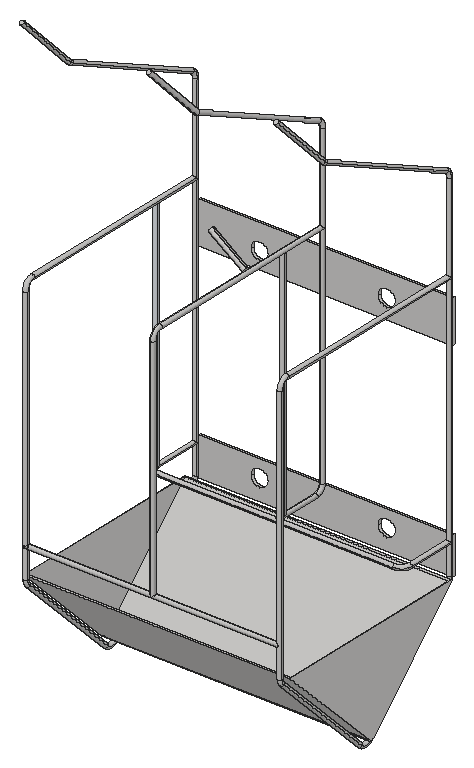
Revit family
Parameters (values of type "305 X 560 X 260")
  URL = "http://www.autospec.co.za/browse.php?id=1644179282"
  Radius Of Rod = 2.5 mm
  Product Code = "None"
  OmniClass Title = ""
  OmniClass Number = ""
  Modspec Classification = ""
  Specification = ""
  Location (revit room) = ""
  Number Of Pans = if(Count = 1, 2, if(Count = 3, 4, if(Count = 5, 6, 0)))  # 2
  Number Of Bottles = if(Count = 1, 3, if(Count = 3, 5, if(Count = 5, 7, 0)))  # 3
  Model = "Bedpan And Bottle Racks BBR2"
  Material = Stainless Steel Grade 304
  Manufacturer = "Kwikot"  # constant formula
  Length 1 = 300 mm
  Length = Length 1 + Radius Of Rod * 2  # 305 mm
  Height = 560 mm
  Rack_2V = Count > 1  # no
  Rack_1V = Count = 1  # yes
  Distance Between Racks = 150 mm
  Description = ""
  Depth = 260 mm
  Count = (Length - Distance Between Racks) / Distance Between Racks  # 1
  Colour = none
  Body Finish = none
  Assembly Code = "E1090300"
  Array Count = if(Count > 1, Count, 2)  # 2
Reference planes
  plane 1 "Center (Front/Back)": y = 0
  plane 2 "Bottom": z = 0
  plane 3 "Center (Left/Right)": x = 0
  plane 4: x = 157.5
  plane 5: z = 450
  plane 6 "Top": z = 720
  plane 7 "Front": y = -260
  plane 8: y = -130
  plane 9 "Right": x = 307.5
  plane 10: x = 7.5
  plane 11: x = 80
  plane 12: x = 230
  plane 13: y = -130
  plane 14: y = -63
  plane 15: z = 560
Forms (mm)
  Sweep 1, solid, material "Stainless Steel Grade 304" <- "Material"
    path origin (7.5, -1524, 1369.365) x (0, 0, 1) y (0, -1, 0)
      loop
        line (-649.365, -1264) -> (-720.441, -1332.449)
        arc (-720.441, -1332.449) -> (-721.59, -1333.769) -> (-722.492, -1335.268) r 10
        line (-722.492, -1335.268) -> (-809.365, -1513.384)
        arc (-809.365, -1513.384) -> (-813.054, -1517.48) -> (-818.353, -1519) r 10
        line (-818.353, -1519) -> (-1239.365, -1519)
        arc (-1239.365, -1519) -> (-1243.192, -1518.239) -> (-1246.436, -1516.071) r 10
        line (-1246.436, -1516.071) -> (-1361.436, -1401.071)
        arc (-1361.436, -1401.071) -> (-1364.365, -1394) -> (-1361.436, -1386.929) r 10
        line (-1361.436, -1386.929) -> (-1246.436, -1271.929)
        arc (-1246.436, -1271.929) -> (-1243.192, -1269.761) -> (-1239.365, -1269) r 10
        line (-1239.365, -1269) -> (-934.365, -1269)
        arc (-934.365, -1269) -> (-927.294, -1271.929) -> (-924.365, -1279) r 10
        line (-924.365, -1279) -> (-924.365, -1519)
    profile origin (7.5, -5, 340.506) x (1, 0, 0) y (0, 1, 0)
      loop
        circle (0, 0) r 2.5
  Sweep 2, solid, material "Stainless Steel Grade 304" <- "Material"
    path origin (0, 0, 0) x (1, 0, 0) y (0, 1, 0)
      loop
        line (0, -130) -> (315, -130)
    profile origin (157.5, -130, 0) x (0, 1, 0) y (0, 0, 1)
      loop
        arc (-3.536, 13.885) -> (0, 12.421) -> (3.536, 13.885) r 5
        line (3.536, 13.885) -> (119.042, 129.392) -> (-119.042, 129.392) -> (-3.536, 13.885)
  Sweep 3, void
    path origin (0, 0, 0) x (1, 0, 0) y (0, 1, 0)
      loop
        line (1.3, -130) -> (313.7, -130)
    profile origin (157.5, -130, 0) x (0, 1, 0) y (0, 0, 1)
      loop
        line (117.204, 129.392) -> (-117.204, 129.392) -> (-1.414, 13.602)
        arc (-1.414, 13.602) -> (0, 13.016) -> (1.414, 13.602) r 2
        line (1.414, 13.602) -> (117.204, 129.392)
  Extrusion 4, solid, material "Stainless Steel Grade 304" <- "Material"
    sketch origin (0, 0, 0) x (1, 0, 0) y (0, 0, 1)
      loop
        line (7.5, 420) -> (7.5, 370) -> (307.5, 370) -> (307.5, 420) -> (7.5, 420)
      loop
        line (7.5, 170) -> (7.5, 125) -> (307.5, 125) -> (307.5, 170) -> (7.5, 170)
      loop
        circle (80, 150) r 10
      loop
        circle (80, 390) r 10
      loop
        circle (230, 150) r 10
      loop
        circle (230, 393) r 10
    from 0 to -3
  Sweep 5, solid, material "Stainless Steel Grade 304" <- "Material"
    path origin (0, -260, 1012.14) x (0, 0, 1) y (-1, 0, 0)
      loop
        line (-847.14, -7.5) -> (-847.14, -307.5)
    profile origin (157.5, -260, 165) x (0, 0, 1) y (0, -1, 0)
      loop
        circle (0, -5.008) r 2.5
  Sweep 6, solid, material "Stainless Steel Grade 304" <- "Material"
    path origin (307.5, 731.65, 1200) x (0, 1, 0) y (0, 0, 1)
      loop
        line (-991.65, -480) -> (-923.201, -551.076)
        arc (-923.201, -551.076) -> (-921.881, -552.225) -> (-920.381, -553.127) r 10
        line (-920.381, -553.127) -> (-742.266, -640)
        arc (-742.266, -640) -> (-738.169, -643.689) -> (-736.65, -648.988) r 10
        line (-736.65, -648.988) -> (-736.65, -1070)
        arc (-736.65, -1070) -> (-737.411, -1073.827) -> (-739.579, -1077.071) r 10
        line (-739.579, -1077.071) -> (-854.579, -1192.071)
        arc (-854.579, -1192.071) -> (-861.65, -1195) -> (-868.721, -1192.071) r 10
        line (-868.721, -1192.071) -> (-983.721, -1077.071)
        arc (-983.721, -1077.071) -> (-985.888, -1073.827) -> (-986.65, -1070) r 10
        line (-986.65, -1070) -> (-986.65, -765)
        arc (-986.65, -765) -> (-983.721, -757.929) -> (-976.65, -755) r 10
        line (-976.65, -755) -> (-736.65, -755)
    profile origin (307.5, -5, 340.506) x (1, 0, 0) y (0, 1, 0)
      loop
        circle (0, 0) r 2.5
  Sweep 7, solid, material "Stainless Steel Grade 304" <- "Material"
    path origin (0, 0, 0) x (1, 0, 0) y (0, 1, 0)
      loop
        line (7.5, -5) -> (7.5, -63)
        arc (7.5, -63) -> (10.429, -70.071) -> (17.5, -73) r 10
        line (17.5, -73) -> (297.5, -73)
        arc (297.5, -73) -> (304.571, -70.071) -> (307.5, -63) r 10
        line (307.5, -63) -> (307.5, -5)
    profile origin (157.5, -73, 0) x (0, 1, 0) y (0, 0, 1)
      loop
        circle (0, 165) r 2.5
  Extrusion 8, solid
    sketch origin (-191.181, -1524, 450) x (-1, 0, 0) y (0, -1, 0)
      loop
        circle (-198.681, -1461) r 2.5
    from -5 to -285
Cuts and joins
  Sweep 3 cuts Sweep 1
  Sweep 3 cuts Sweep 2
Dimensions and locks
  Sweep 1 sketch curve to level = 5 mm
  plane 7 "Front" to Sweep 1 sketch curve = 5 mm
  Sweep 1 sketch curve to plane 1 "Center (Front/Back)" = 5 mm
  plane 1 "Center (Front/Back)" to Sweep 1 sketch curve = 5 mm
  plane 6 "Top" to plane 2 "Bottom" = 720 mm
  "Depth": plane 7 "Front" to plane 1 "Center (Front/Back)"
  locked: cut or joined group of Sweep 2, Sweep 3 to Sweep 3 sketch curve at 1.3
  locked: Sweep 3 sketch curve to cut or joined group of Sweep 2, Sweep 3 at 1.3
  "Distance Between Racks": plane 4 to plane 10
  "Length 1": plane 9 "Right" to plane 10
  locked: plane 9 "Right" to Sweep 2 sketch curve at 7.5
  Extrusion 4 sketch curve to plane 2 "Bottom" = 370 mm
  Extrusion 4 sketch curve to Extrusion 4 sketch curve = 50 mm
  Extrusion 4 sketch curve to plane 2 "Bottom" = 125 mm
  Extrusion 4 sketch curve to plane 2 "Bottom" = 150 mm
  plane 11 to plane 3 "Center (Left/Right)" = 80 mm
  Extrusion 4 sketch curve to Extrusion 4 sketch curve = 240 mm
  plane 12 to plane 9 "Right" = 77.5 mm
  Extrusion 4 sketch curve to Extrusion 4 sketch curve = 45 mm
  Sweep 5 sketch curve to plane 2 "Bottom" = 165 mm
  locked: Sweep 7 sketch curve to plane 2 "Bottom" at 165
  plane 1 "Center (Front/Back)" to plane 14 = 63 mm
  group 1 to group 2 = 150 mm
  group 1 to group 2 = 0 mm  (x2)
  plane 15 to plane 5 = 110 mm
  "Height": plane 15 to plane 2 "Bottom"
  Sweep 6 sketch curve to plane 5 = 5 mm
  plane 7 "Front" to Sweep 6 sketch curve = 5 mm
  "Radius Of Rod": radius of Sweep 1 sketch curve
  "Radius Of Rod": radius of Sweep 5 sketch curve
  "Radius Of Rod": radius of Sweep 6 sketch curve
  "Radius Of Rod": radius of Sweep 7 sketch curve
  "Radius Of Rod": radius of Extrusion 8 sketch curve
  angle plane 5 to Sweep 1 sketch curve = 26.00°
  angle Sweep 6 sketch curve to plane 15 = 26.00°
  aligned and locked: plane 2 "Bottom" to level
  aligned and locked: Sweep 2 to Sweep 3 sketch curve
  aligned and locked: profile plane to Sweep 1 sketch curve  (x2)
  aligned and locked: plane 3 "Center (Left/Right)" to Sweep 2 sketch curve
  aligned and locked: Extrusion 4 sketch curve to plane 9 "Right"  (x2)
  aligned and locked: plane 10 to Extrusion 4 sketch curve  (x2)
  aligned and locked: plane 11 to Extrusion 4 sketch curve  (x2)
  aligned and locked: plane 12 to Extrusion 4 sketch curve  (x2)
  aligned and locked: plane 9 "Right" to Sweep 5 sketch curve
  aligned and locked: plane 10 to Sweep 5 sketch curve
  aligned and locked: profile plane to Sweep 6 sketch curve  (x2)
  aligned and locked: plane 10 to Sweep 7 sketch curve
  aligned and locked: plane 9 "Right" to Sweep 7 sketch curve
  aligned and locked: profile plane to Sweep 7 sketch curve
  aligned and locked: profile plane to Sweep 5 sketch curve
  aligned and locked: plane 10 to Extrusion 8 sketch curve
  aligned and locked: plane 14 to Extrusion 8 sketch curve
  aligned and locked: plane 3 "Center (Left/Right)" to nested 1
  aligned and locked: plane 1 "Center (Front/Back)" to nested 1
  aligned and locked: plane 3 "Center (Left/Right)" to nested 2
  aligned and locked: plane 1 "Center (Front/Back)" to nested 2
  aligned and locked: plane 15 to Sweep 1 sketch curve
  aligned and locked: plane 7 "Front" to Sweep 1 sketch curve
  aligned and locked: plane 6 "Top" to Sweep 1 sketch curve
  aligned and locked: plane 15 to Sweep 6 sketch curve
  aligned and locked: plane 6 "Top" to Sweep 6 sketch curve
  aligned and locked: plane 7 "Front" to Sweep 6 sketch curve
Automatic sketch dimensions
  plane 1 "Center (Front/Back)" to Sweep 2 sketch curve = 130 mm
  Sweep 2 sketch curve to profile plane = 0 mm
  profile plane to Sweep 2 sketch curve = 3.536 mm
  profile plane to Sweep 2 sketch curve = 119.042 mm
  Sweep 2 sketch curve to profile plane = 3.536 mm
  Sweep 2 sketch curve to profile plane = 119.042 mm
  level to Sweep 2 sketch curve = 13.885 mm
  Sweep 2 sketch curve to Sweep 2 sketch curve = 3.536 mm
  level to Sweep 2 sketch curve = 129.392 mm
  plane 1 "Center (Front/Back)" to Sweep 3 sketch curve = 130 mm
  Sweep 3 sketch curve to profile plane = 0 mm
  profile plane to Sweep 3 sketch curve = 1.414 mm
  profile plane to Sweep 3 sketch curve = 117.204 mm
  Sweep 3 sketch curve to profile plane = 1.414 mm
  Sweep 3 sketch curve to profile plane = 117.204 mm
  plane 2 "Bottom" to Sweep 3 sketch curve = 15.016 mm
  Sweep 3 sketch curve to Sweep 3 sketch curve = 1.414 mm
  Extrusion 4 sketch curve to Extrusion 4 sketch curve = 20 mm
  Extrusion 4 sketch curve to plane 5 = 57 mm
  Sweep 5 sketch curve to plane 7 "Front" = 5.008 mm
  plane 10 to Sweep 7 sketch curve = 10 mm
  Sweep 7 sketch curve to plane 9 "Right" = 10 mm
  plane 1 "Center (Front/Back)" to Sweep 7 sketch curve = 73 mm
  plane 1 "Center (Front/Back)" to Sweep 7 sketch curve = 5 mm  (x2)
  Sweep 1 sketch curve to plane 8 = 0 mm
  Sweep 1 sketch curve to plane 5 = 5 mm
  Sweep 1 sketch curve to Sweep 1 sketch curve = 10 mm
  Sweep 1 sketch curve to plane 7 "Front" = 15 mm
  level to Sweep 1 sketch curve = 130 mm  (x2)
  plane 1 "Center (Front/Back)" to Sweep 1 sketch curve = 15 mm
  Sweep 1 sketch curve to Sweep 1 sketch curve = 7.071 mm
  plane 1 "Center (Front/Back)" to Sweep 1 sketch curve = 7.929 mm
  level to Sweep 1 sketch curve = 15 mm
  plane 8 to Sweep 1 sketch curve = 7.071 mm
  Sweep 1 sketch curve to plane 8 = 7.071 mm
  Sweep 1 sketch curve to Sweep 1 sketch curve = 2.051 mm
  Sweep 1 sketch curve to Sweep 1 sketch curve = 8.988 mm
  Sweep 1 sketch curve to Sweep 1 sketch curve = 5.616 mm
  Sweep 1 sketch curve to Sweep 1 sketch curve = 4.384 mm
  plane 8 to Sweep 1 sketch curve = 58.732 mm
  Sweep 1 sketch curve to plane 15 = 8.988 mm
  Sweep 6 sketch curve to plane 13 = 0 mm
  Sweep 6 sketch curve to Sweep 6 sketch curve = 2.929 mm
  Sweep 6 sketch curve to Sweep 6 sketch curve = 10 mm
  Sweep 6 sketch curve to Sweep 6 sketch curve = 7.071 mm
  plane 13 to Sweep 6 sketch curve = 61.551 mm
  Sweep 6 sketch curve to Sweep 6 sketch curve = 2.819 mm
  Sweep 6 sketch curve to Sweep 6 sketch curve = 7.203 mm
  plane 13 to Sweep 6 sketch curve = 7.071 mm
  Sweep 6 sketch curve to plane 13 = 7.071 mm
  plane 1 "Center (Front/Back)" to Sweep 6 sketch curve = 15 mm  (x2)
  Sweep 6 sketch curve to Sweep 6 sketch curve = 4.384 mm
  plane 1 "Center (Front/Back)" to Sweep 6 sketch curve = 7.929 mm
  level to Sweep 6 sketch curve = 130 mm  (x2)
  level to Sweep 6 sketch curve = 15 mm
  level to Sweep 6 sketch curve = 7.929 mm
  Sweep 6 sketch curve to Sweep 6 sketch curve = 2.051 mm
  Sweep 6 sketch curve to plane 15 = 8.988 mm
  radius of Extrusion 4 sketch curve = 10 mm  (x4)
Nested families
  nested 1: "Rack" at (0, 0, 0), visible <- "Rack_2V", Radius Of Rod <- "Radius Of Rod", type "Rack"
    with Radius Of Rod 2.5 mm
  nested 2: "Rack" at (0, 0, 0), visible <- "Rack_1V", Radius Of Rod <- "Radius Of Rod", type "Rack"
    with Radius Of Rod 2.5 mm
  nested 3: "Rack" at (150, 0, 0), visible <- "Rack_2V", Radius Of Rod <- "Radius Of Rod", type "Rack"
    with Radius Of Rod 2.5 mm
Definition of nested family "Rack"
  Parameters (values of type "Rack")
    URL = ""
    Radius Of Rod [instance] = 7.5 mm
    Material = Stainless Steel Grade 304
    Manufacturer = ""
    Height = 560 mm
    Description = ""
    Depth = 260 mm
  Reference planes
    plane 1 "Center (Front/Back)": y = 0
    plane 2: z = 0
    plane 3 "Center (Left/Right)": x = 0
    plane 4: x = 157.5
    plane 5: z = 450
    plane 6: z = 720
    plane 7: y = -260
    plane 8: x = 7.5
    plane 9: y = -63
    plane 10: z = 560
  Forms (mm)
    Sweep 1, solid, material "Stainless Steel Grade 304" <- "Material"
      path origin (157.5, 731.65, 1200) x (0, 1, 0) y (0, 0, 1)
        loop
          line (-804.65, -1035) -> (-746.65, -1035)
          arc (-746.65, -1035) -> (-739.579, -1032.071) -> (-736.65, -1025) r 10
          line (-736.65, -1025) -> (-736.65, -648.988)
          arc (-736.65, -648.988) -> (-738.169, -643.689) -> (-742.266, -640) r 10
          line (-742.266, -640) -> (-922.024, -552.326) -> (-991.65, -480)
      profile origin (157.5, -5, 363.006) x (0, -1, 0) y (1, 0, 0)
        loop
          circle (0, 0) r 7.5
    Sweep 2, solid, material "Stainless Steel Grade 304" <- "Material"
      path origin (157.5, 731.65, 1200) x (0, 1, 0) y (0, 0, 1)
        loop
          line (-991.65, -1035) -> (-991.65, -765)
          arc (-991.65, -765) -> (-987.256, -754.393) -> (-976.65, -750) r 15
          line (-976.65, -750) -> (-736.65, -750)
      profile origin (157.5, -260, 300) x (0, -1, 0) y (1, 0, 0)
        loop
          circle (-5, 0) r 7.5
    Extrusion 3, solid, material "Stainless Steel Grade 304" <- "Material"
      sketch origin (-41.181, -1524, 450) x (-1, 0, 0) y (0, -1, 0)
        loop
          circle (-198.681, -1461) r 7.5
      from -5 to -285
    Sweep 4, solid, material "Stainless Steel Grade 304" <- "Material"
      path origin (0, 0, 0) x (1, 0, 0) y (0, 0, 1)
        loop
          line (157.5, 450) -> (116.542, 478.679)
      profile origin (137.021, 0, 464.339) x (-0.573576, 0, -0.819152) y (0, -1, 0)
        loop
          circle (3.75, 115.296) r 3
  Dimensions and locks
    plane 6 to plane 2 = 720 mm
    "Depth": plane 7 to plane 1 "Center (Front/Back)"
    plane 4 to plane 8 = 150 mm
    Sweep 1 sketch curve to plane 2 = 165 mm
    locked: Sweep 1 sketch curve to plane 1 "Center (Front/Back)" at 5
    Sweep 1 sketch curve to plane 1 "Center (Front/Back)" = 73 mm
    plane 7 to Sweep 2 sketch curve = 5 mm
    "Height": plane 10 to plane 2
    plane 10 to plane 5 = 110 mm
    "Radius Of Rod": radius of Sweep 2 sketch curve
    "Radius Of Rod": radius of Extrusion 3 sketch curve
    "Radius Of Rod": radius of Sweep 1 sketch curve
    angle Sweep 1 sketch curve to plane 5 = 26.00°
    aligned and locked: level to plane 2
    aligned and locked: plane 4 to Sweep 1 sketch curve
    aligned and locked: profile plane to Sweep 1 sketch curve
    aligned and locked: plane 7 to Sweep 2 sketch curve
    aligned and locked: plane 5 to Sweep 2 sketch curve
    aligned and locked: plane 4 to Sweep 2 sketch curve
    aligned and locked: plane 9 to Extrusion 3 sketch curve
    aligned and locked: plane 5 to Sweep 4 sketch curve
    aligned and locked: plane 4 to Sweep 4 sketch curve
    aligned and locked: plane 10 to Sweep 1 sketch curve
    aligned and locked: plane 6 to Sweep 1 sketch curve
    aligned and locked: plane 7 to Sweep 1 sketch curve
  Automatic sketch dimensions
    Sweep 2 sketch curve to plane 5 = 15 mm
    level to Sweep 2 sketch curve = 165 mm
    Extrusion 3 sketch curve to plane 4 = 0 mm
    plane 1 "Center (Front/Back)" to Sweep 2 sketch curve = 5 mm
    Sweep 4 sketch curve to profile plane = 3.75 mm
    plane 1 "Center (Front/Back)" to Sweep 4 sketch curve = 115.296 mm
    Sweep 4 sketch curve to plane 4 = 40.958 mm
    plane 5 to Sweep 4 sketch curve = 28.679 mm
    Sweep 1 sketch curve to plane 7 = 69.625 mm
    Sweep 1 sketch curve to Sweep 1 sketch curve = 10 mm  (x2)
    Sweep 1 sketch curve to plane 10 = 8.988 mm
    radius of Sweep 4 sketch curve = 3 mm
